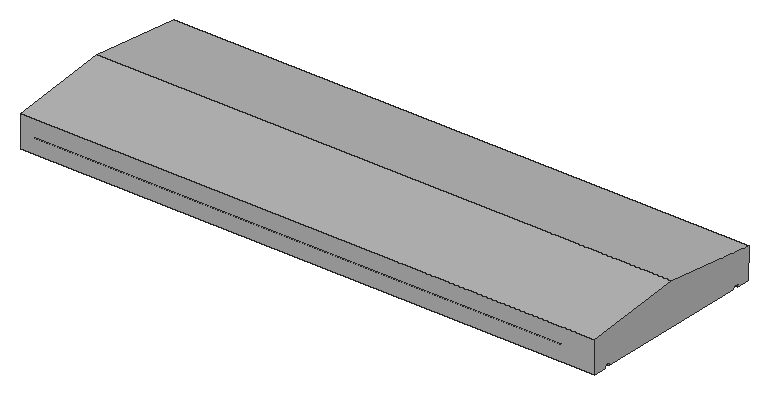
Revit family "WC420 Saddle Back", category Generic Models, Revit 2020
Family settings
  Can host rebar = No
  Round Connector Dimension = Use Diameter
  Part Type = Normal
  Work Plane-Based = No
  Always vertical = Yes
  Cut with Voids When Loaded = No
  Shared = No
  Room Calculation Point = No
Parameters
  Weight = "40Kg"
  Warranty Guarantor Parts = "n/a"
  Warranty Guarantor Labour = "n/a"
  Warranty Duration Unit = "n/a"
  Warranty Duration Parts = "n/a"
  Warranty Duration Labour = "n/a"
  Warranty Description = "n/a"
  Unit Width [instance] = 305 mm
  Unit Length [instance] = 914 mm
  Unit Height [instance] = 67 mm
  URL = "www.killeshal.com"
  Types = "Single"
  Type Comments = "Visit our website for a full list of available products."
  Sustainability Performance = "n/a"
  Structural Class = "n/a"
  Span = "Unit Length"
  Slope = "0.00°"
  Size = "305mm x 67 to 50mm"
  Shape = "As per drawing"
  Service Life = "0.000000"
  Serial Number = "n/a"
  Resistance to Fire = "n/a"
  Replacement Cost = "n/a"
  Reference = "n/a"
  Notified Body = "n/a"
  Nominal Cover to Main Bar = "n/a"
  Model = "W/C 420 Wall Cap."
  Mechanical Resistance = "n/a"
  Manufacturer = "Killeshal Precast Concrete Ltd."
  Load Bearing = no
  Life Cycle Environmental Load = "n/a"
  Length Options = "Stock size 914mm."
  Keynote = "The information contained is the sole property of KPC Ltd., any reproduction in part or whole without permission of KPC Ltd. is prohibited."
  Environmental Product Declaration = "n/a"
  Environmental Class = "n/a"
  Durability against Corrosion = "n/a"
  Dimension Accuracy Class = "n/a"
  Detailing = "As per design specification and product drawings."
  Description = "Saddle Back Wall Cap"
  Default Elevation = 0 mm
  Dangerous Substances = "n/a"
  Contact Tel = "0035357 9353018"
  Contact Email = "sales@killeshal.com"
  Construction Type = "Precast"
  Construction Tolerance Class = "n/a"
  Compressive Strength of Concrete = "n/a"
  Characteristics of Reinforcing Steel = "n/a"
  Characteristics Deflection Under Load = "n/a"
Reference planes
  plane 1 "Center (Front/Back)": y = 0
  plane 2: z = 0
  plane 3 "Center (Left/Right)": x = 0
  plane 4 "Rear": y = 152.5
  plane 5 "Front": y = -152.5
  plane 6 "Top": z = 67
  plane 7 "Center L/T": z = 50
Forms (mm)
  Extrusion 1, solid, material "Precast Concrete (KPC)"
    sketch origin (0, 0, 0) x (0, 1, 0) y (0, 0, 1)
      loop
        line (-152.5, 50) -> (-152.5, 0) -> (-132.5, 0)
        arc (-132.5, 0) -> (-127.5, 5) -> (-122.5, 0) r 5
        line (-122.5, 0) -> (122.5, 0)
        arc (122.5, 0) -> (127.5, 5) -> (132.5, 0) r 5
        line (132.5, 0) -> (152.5, 0) -> (152.5, 50) -> (0, 67) -> (-152.5, 50)
    from 0 to 914
Dimensions and locks
  "Unit Length": Extrusion 1 to Extrusion 1
  "Unit Width": Extrusion 1 to Extrusion 1
  "Unit Height": plane 6 "Top" to Extrusion 1
  Extrusion 1 to plane 7 "Center L/T" = 50 mm
  aligned and locked: level to plane 2
Automatic sketch dimensions
  Extrusion 1 sketch curve to plane 5 "Front" = 0 mm
  Extrusion 1 sketch curve to level = 0 mm
  Extrusion 1 sketch curve to plane 1 "Center (Front/Back)" = 0 mm
  Extrusion 1 sketch curve to plane 4 "Rear" = 0 mm
  Extrusion 1 sketch curve to plane 7 "Center L/T" = 0 mm  (x2)
  Extrusion 1 sketch curve to plane 6 "Top" = 0 mm
  plane 5 "Front" to Extrusion 1 sketch curve = 20 mm
  Extrusion 1 sketch curve to Extrusion 1 sketch curve = 5 mm  (x2)
  Extrusion 1 sketch curve to Extrusion 1 sketch curve = 30 mm
